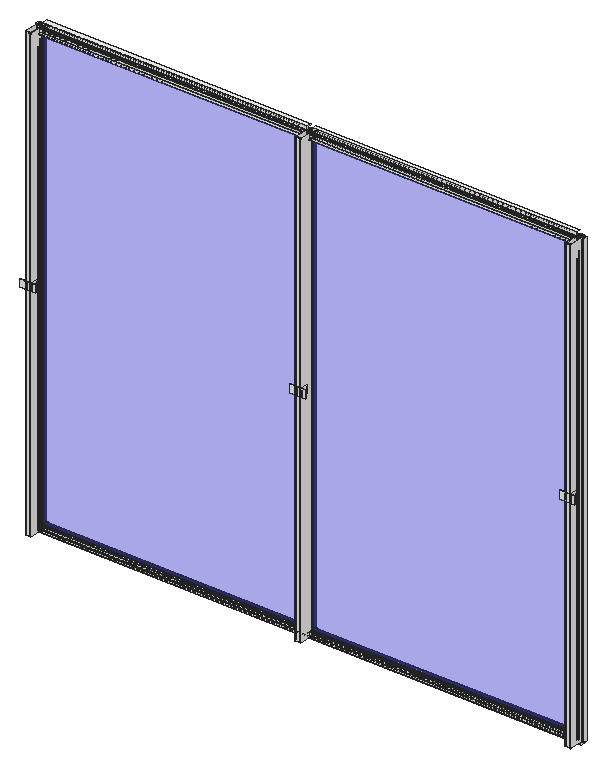
Revit family "Facade_60_Curtain_Wall_I21_Standard", category Windows, host Wall, Revit 2014
Parameters (values of type "F60-I21-6050-2000Pa")
  Windload Design [instance] = if(Custom Windload < 1001 mm, 1000 mm, if(Custom Windload < 1501 mm, 1500 mm, 2000 mm))  # 2000 mm
  Width [instance] = if(Custom Curtain Wall Width < Limit Door Width Min, Limit Door Width Min, if(Custom Curtain Wall Width > Limit Door Width Max, Limit Door Width Max, Custom Curtain Wall Width))  # 5990 mm
  Wall Thickness [instance] = 200 mm
  Vertical Profile Length [instance] = Height - Frame Bottom Gap  # 4960 mm
  URL = "http://www.crealco.co.za/crealco-products.php"
  Type Comments = ""
  Top Profile Overhang = 5.9 mm  # constant formula
  Thermal Resistance (R) [instance] = if(IGDB or SAGDB Number = 100100, 1.0000 (m²·K)/W / Intruderprufe U Value, if(IGDB or SAGDB Number = 100100, 1.0000 (m²·K)/W / Intruderprufe U Value, if(IGDB or SAGDB Number = 105003, 1.0000 (m²·K)/W / Intruderprufe Insulated U Value, if(IGDB or SAGDB Number = 105004, 1.0000 (m²·K)/W / Intruderprufe Insulated LowE U Value, 1.0000 (m²·K)/W / 7.9)))) * 1  # 0.126582 (m²·K)/W
  Thermal Break Material = Plastic, Opaque Black
  Solar Heat Gain Coefficient [instance] = if(IGDB or SAGDB Number = 100100, Intruderprufe SHGC Value, if(IGDB or SAGDB Number = 103200, Intruderprufe LowE SHGC Value, if(IGDB or SAGDB Number = 105003, Intruderprufe Insulated SHGC Value, if(IGDB or SAGDB Number = 105004, Intruderprufe Insulated LowE SHGC Value, 0))))  # 0
  Single Glazing [instance] = if(DG Forced, 1 = 0, not(Double Glazing))  # no
  Sill Height = 85 mm  # constant formula
  SG Forced [instance] = not(DG Forced)  # no
  Quarter Expansion Break = no
  Overall Width [instance] = 5990 mm
  Overall Height [instance] = 4990 mm
  Mullion Side Gap [instance] = (Width / 2) - 30 mm  # 2965 mm
  Mullion Configuration [instance] = if(Windload Design = 1000 mm, if(not(Height > 4990 mm), 1 mm, 2 mm), if(Windload Design = 1500 mm, if(not(Height > 4990 mm), if(Width > 2990 mm, 2 mm, 1 mm), 3 mm), if(not(Height > 4990 mm), if(Width > 1790 mm, 2 mm, 1 mm), 3 mm)))  # 2 mm
  Model = "Facade 60"
  Max System DG Unit Thickness = 25 mm  # constant formula
  Max System DG One Piece Thickness [instance] = rounddown((Max System DG Unit Thickness - DG Gasket Thickness) / 2 mm) * 1 mm  # 6 mm
  Max Pane Area [instance] = Glazing Width * Glazing Height  # 14.3747 m²
  Manufacturer = "Crealco"
  Limit Door Width Min = (2 * Limit Panel Width Min) + (2 * Glazing Side Gap) + 19.6 mm  # 699.2 mm
  Limit Door Width Max = (2 * Limit Panel Width Max) + (2 * Glazing Side Gap) + 19.6 mm  # 6099.2 mm
  Limit Door Height Min = Limit Panel Height Min + Glazing Top Gap + Glazing Bottom Gap  # 409.6 mm
  Limit Door Height Max = Limit Panel Height Max + Glazing Top Gap + Glazing Bottom Gap  # 6109.6 mm
  Limit Panel Width Min = 300 mm  # constant formula
  Limit Panel Width Max = 3000 mm  # constant formula
  Limit Panel Height Min = 300 mm  # constant formula
  Limit Panel Height Max = 6000 mm  # constant formula
  Sill Length [instance] = Width  # 5990 mm
  Length Sill [instance] = Width  # 5990 mm
  Keynote = ""
  Jamb Width = 60 mm  # constant formula
  Intruderprufe U Value = 5.71
  Intruderprufe SHGC Value = 0.76
  Intruderprufe LowE U Value = 3.86
  Intruderprufe LowE SHGC Value = 0.665
  Intruderprufe Insulated U Value = 2.86
  Intruderprufe Insulated SHGC Value = 0.653
  Intruderprufe Insulated LowE U Value = 2.13
  Intruderprufe Insulated LowE SHGC Value = 0.588
  Horizontal Profile Length [instance] = (Width - (2 * Jamb Width) - 60 mm) / 2  # 2905 mm
  Half Expansion Break = no
  Glazing Width [instance] = Horizontal Profile Length + (2 mm * 20.2)  # 2945.4 mm
  Glazing Top Gap = 39.8 mm  # constant formula
  Glazing Side Gap = 39.8 mm  # constant formula
  Glazing Height [instance] = Height - Glazing Top Gap - Glazing Bottom Gap  # 4880.4 mm
  Glazing Gap SG [instance] = (14 mm - SG Thickness) / 2  # 2 mm
  Glazing Gap DG [instance] = (28 mm - (DG Thickness + DG Thickness + DG Gasket Thickness)) / 2  # 2 mm
  Glazing Bottom Gap = 69.8 mm  # constant formula
  Frame Thickness = 101.8 mm  # constant formula
  Frame Bottom Gap = 30 mm  # constant formula
  Door Leaf Height [instance] = 2050 mm
  Double Glazing [instance] = yes
  DG Thickness Calc [instance] = if(not(Max Pane Area > 1.125 m²), 4 mm, if(not(Max Pane Area > 2.25 m²), 4 mm, if(not(Max Pane Area > 3.15 m²), 5 mm, if(not(Max Pane Area > 4.35 m²), 6 mm, if(not(Max Pane Area > 6.45 m²), 8 mm, 10 mm)))))  # 10 mm
  DG Thickness [instance] = if(IGDB or SAGDB Number = 105003, 6 mm, if(IGDB or SAGDB Number = 105004, 7 mm, if(DG Thickness Calc > Max System DG One Piece Thickness, Max System DG One Piece Thickness, DG Thickness Calc)))  # 6 mm
  DG Gasket Thickness = 12 mm  # constant formula
  DG Gasket Finish [instance] = Double Glazing Gasket Material
  DG Forced [instance] = if(IGDB or SAGDB Number = 100100, 1 = 0, if(IGDB or SAGDB Number = 103200, 1 = 0, if(IGDB or SAGDB Number = 105003, 1 = 1, if(IGDB or SAGDB Number = 105004, 1 = 1, Double Glazing))))  # yes
  IGDB or SAGDB Number [instance] = 0
  Height [instance] = if(Custom Curtain Wall Height < Limit Door Height Min, Limit Door Height Min, if(Custom Curtain Wall Height > Limit Door Height Max, Limit Door Height Max, Custom Curtain Wall Height))  # 4990 mm
  Heat Transfer Coefficient (U) [instance] = if(IGDB or SAGDB Number = 100100, Intruderprufe U Value, if(IGDB or SAGDB Number = 103200, Intruderprufe LowE U Value, if(IGDB or SAGDB Number = 105003, Intruderprufe Insulated U Value, if(IGDB or SAGDB Number = 105004, Intruderprufe Insulated LowE U Value, 7.9)))) * 1.0000 W/(m²·K)  # 7.9000 W/(m²·K)
  SG Thickness [instance] = if(IGDB or SAGDB Number = 100100, 6 mm, if(IGDB or SAGDB Number = 103200, 7 mm, if(not(Max Pane Area > 0.75 m²), 4 mm, if(not(Max Pane Area > 1.50 m²), 4 mm, if(not(Max Pane Area > 2.10 m²), 5 mm, if(not(Max Pane Area > 2.90 m²), 6.4 mm, if(not(Max Pane Area > 4.30 m²), 8 mm, 10 mm)))))))  # 10 mm
  Glazing Material [instance] = if(IGDB or SAGDB Number = 100100, "PFG INTRUDERPRUFE 6.38mm", if(IGDB or SAGDB Number = 103200, "PFG INTRUDERPRUFE LOW-E 7.38mm", if(IGDB or SAGDB Number = 105003, "PFG 25mm INTRUDERPRUFE INSULATED GLASS", if(IGDB or SAGDB Number = 105004, "PFG 25mm INTRUDERPRUFE INSULATED GLASS LOW-E", "Unknown"))))  # "Unknown"
  Glazing Finish [instance] = Glass
  Glazing Code [instance] = if(IGDB or SAGDB Number = 100100, "LAM01", if(IGDB or SAGDB Number = 103200, "LAM01E", if(IGDB or SAGDB Number = 105003, "IGU25", if(IGDB or SAGDB Number = 105004, "IGU25E", "Unknown"))))  # "Unknown"
  Frame Offset [instance] = if([100mm Mullion], 130 mm, if([160mm Mullion], 160 mm, 190 mm))  # 160 mm
  Description = "Curtain Wall, I21"  # constant formula
  Default Sill Height = 0 mm
  Wall Closure = By host
  Custom Curtain Wall Width = 5990 mm
  Custom Curtain Wall Height = 4990 mm
  Custom Windload = 2000 mm
  Custom Anchor Height = 0 mm
  Anchor Height [instance] = if(or(Custom Anchor Height < 42.5 mm, Custom Anchor Height > (Height - 42.5 mm)), (Height / 2) - 42.5 mm, Custom Anchor Height - 42.5 mm)  # 2452.5 mm
  Aluminium Finish [instance] = White Powder Coated Aluminium ANP 1052
  All Available Glazing Numbers [instance] = "The rows below list the available glazing materials for this window:"  # constant formula
  190mm Mullion [instance] = if(Mullion Configuration = 3 mm, 1 = 1, 1 = 0)  # no
  160mm Mullion [instance] = if(Mullion Configuration = 2 mm, 1 = 1, 1 = 0)  # yes
  105004 [instance] = "IGU25E"  # constant formula
  105003 [instance] = "IGU25"  # constant formula
  103200 [instance] = "LAM01E"  # constant formula
  100mm Mullion [instance] = if(or(Mullion Configuration = 2 mm, Mullion Configuration = 3 mm), 1 = 0, 1 = 1)  # no
  100100 [instance] = "LAM01"  # constant formula
Reference planes
  plane 1 "Center (Front/Back)": y = 0
  plane 2 "Center (Left/Right)": x = 0
  plane 3 "Left": x = -2995
  plane 4 "Right": x = 2995
  plane 5 "Sill": z = 0
  plane 6 "Head": z = 4990
  plane 7 "Exterior": y = 100
  plane 8 "Interior": y = -100
Lines and regions (mm)
  Opening 1
    outline origin (3507.082, -100, 0) x (1, 0, 0) y (0, 0, 1)
      loop
        line (-512.082, 0) -> (-512.082, 4990) -> (-6502.082, 4990) -> (-6502.082, 0) -> (-512.082, 0)
Text (mm)
  text "EXTERIOR" at (-1963.203, 1332.353, 0), in view "Ref. Level"
  text "INTERIOR" at (-1981.466, -818.386, 0), in view "Ref. Level"
  text "Exterior" at (0, 923.751, 2943.296), in view "Right"
  text "Exterior" at (0, 1040.484, 2685.409), in view "Left"
Dimensions and locks
  equal spacing: plane 3 "Left", plane 2 "Center (Left/Right)", plane 4 "Right"
  "Width": plane 3 "Left" to plane 4 "Right"
  "Height": plane 5 "Sill" to plane 6 "Head"
  "Default Sill Height": plane 5 "Sill" to level
  locked: plane 7 "Exterior" to host wall at 0
  locked: plane 8 "Interior" to host wall
  "Overall Height": plane 6 "Head" to plane 5 "Sill"
  "Overall Width": plane 3 "Left" to plane 4 "Right"
  "Wall Thickness": host wall to host wall
  "Jamb Width": nested 3 to plane 4 "Right"
  "Jamb Width": nested 5 to plane 4 "Right"
  "Frame Bottom Gap": nested 5 to level
  "Glazing Side Gap": nested 6 to plane 4 "Right"
  "Glazing Top Gap": nested 6 to plane 6 "Head"
  "Glazing Gap SG": nested 6 to nested 1
  "Glazing Side Gap": nested 7 to plane 4 "Right"
  "Glazing Top Gap": nested 7 to plane 6 "Head"
  "Glazing Gap DG": nested 7 to nested 1
  "Mullion Side Gap": nested 8 to plane 4 "Right"
  "Frame Bottom Gap": nested 8 to level
  "Jamb Width": plane 3 "Left" to nested 10
  "Jamb Width": plane 3 "Left" to nested 9
  "Glazing Side Gap": plane 3 "Left" to nested 11
  "Glazing Side Gap": plane 3 "Left" to nested 12
  "Glazing Gap SG": nested 2 to nested 12
  "Glazing Gap DG": nested 2 to nested 11
  "Glazing Bottom Gap": nested 11 to level
  "Glazing Bottom Gap": nested 12 to level
  "Frame Bottom Gap": nested 9 to level
  "Frame Offset": plane 8 "Interior" to nested 1
  "Anchor Height": nested 13 to level
  "Anchor Height": nested 15 to level
  "Anchor Height": nested 14 to level
  aligned and locked: plane 4 "Right" to nested 1
  aligned and locked: plane 6 "Head" to nested 1
  aligned and locked: plane 3 "Left" to nested 2
  aligned and locked: plane 6 "Head" to nested 2
  aligned and locked: nested 3 to plane 6 "Head"
  aligned and locked: nested 4 to level
  aligned and locked: plane 4 "Right" to nested 4
  aligned and locked: nested 1 to nested 2
  aligned and locked: nested 5 to nested 4
  aligned and locked: nested 8 to nested 2
  aligned and locked: nested 10 to plane 6 "Head"
  aligned and locked: nested 5 to nested 10
  aligned and locked: nested 5 to nested 9
  aligned and locked: nested 10 to nested 3
  aligned and locked: nested 10 to nested 2
  aligned and locked: nested 1 to nested 14
  aligned and locked: plane 8 "Interior" to nested 14
  aligned and locked: plane 8 "Interior" to nested 15
  aligned and locked: nested 15 to nested 8
  aligned and locked: nested 13 to nested 2
  aligned and locked: nested 13 to plane 8 "Interior"
Automatic sketch dimensions
  plane 3 "Left" to Opening 1 sketch curve = 0 mm
  plane 4 "Right" to Opening 1 sketch curve = 0 mm
  Opening 1 sketch curve to plane 5 "Sill" = 0 mm
  Opening 1 sketch curve to plane 6 "Head" = 0 mm
Nested families
  nested 1: "F60 Vertical Profile Side_I21_Std" at (2995, 65.2, 30) x (-1, 0, 0) z (0, 0, 1), Thermal Break Material <- "Thermal Break Material", Profile Material <- "Aluminium Finish", Length <- "Vertical Profile Length", Single Glazing <- "SG Forced", Double Glazing <- "DG Forced", 100mm Mullion <- "100mm Mullion", 160mm Mullion <- "160mm Mullion", 190mm Mullion <- "190mm Mullion", Quarter Expansion Break <- "Quarter Expansion Break", Half Expansion Break <- "Half Expansion Break", type "F60 Vertical Profile Side_I21_Std"
    with Thermal Break Material Plastic, Opaque Black, Single Glazing no, Quarter SG Expansion Break no, Quarter Length 1240 mm, Quarter Expansion Break no, Quarter DG Expansion Break no, Quarter 190mm Expansion Break no, Quarter 160mm Expansion Break no, Quarter 100mm Expansion Break no, Profile Material White Powder Coated Aluminium ANP 1052, Length 4960 mm, Half SG Expansion Break no, Half Length 2480 mm, Half Expansion Break no, Half DG Expansion Break no, Half 190mm Expansion Joint no, Half 160mm Expansion Break no, Half 100mm Expansion Break no, Double Glazing yes, 190mm Mullion no, 160mm Mullion yes, 100mm Mullion no
  nested 2: "F60 Vertical Profile Side_I21_Std" at (-2995, 65.2, 30), Thermal Break Material <- "Thermal Break Material", Profile Material <- "Aluminium Finish", Length <- "Vertical Profile Length", Single Glazing <- "SG Forced", Double Glazing <- "DG Forced", 100mm Mullion <- "100mm Mullion", 160mm Mullion <- "160mm Mullion", 190mm Mullion <- "190mm Mullion", Quarter Expansion Break <- "Quarter Expansion Break", Half Expansion Break <- "Half Expansion Break", type "F60 Vertical Profile Side_I21_Std"
    with Thermal Break Material Plastic, Opaque Black, Single Glazing no, Quarter SG Expansion Break no, Quarter Length 1240 mm, Quarter Expansion Break no, Quarter DG Expansion Break no, Quarter 190mm Expansion Break no, Quarter 160mm Expansion Break no, Quarter 100mm Expansion Break no, Profile Material White Powder Coated Aluminium ANP 1052, Length 4960 mm, Half SG Expansion Break no, Half Length 2480 mm, Half Expansion Break no, Half DG Expansion Break no, Half 190mm Expansion Joint no, Half 160mm Expansion Break no, Half 100mm Expansion Break no, Double Glazing yes, 190mm Mullion no, 160mm Mullion yes, 100mm Mullion no
  nested 3: "F60 Horizontal Profile Top_I21_Std" at (2935, 15.4, 4930) x (-1, 0, 0) z (0, 0, 1), Thermal Break Material <- "Thermal Break Material", Profile Material <- "Aluminium Finish", Length <- "Horizontal Profile Length", Single Glazing <- "SG Forced", Double Glazing <- "DG Forced", type "F60 Horizontal Profile Top_I21_Std"
    with Thermal Break Material Plastic, Opaque Black, Single Glazing no, Profile Material White Powder Coated Aluminium ANP 1052, Length 2905 mm, Double Glazing yes
  nested 4: "F60 Sill_I21_Std" at (2995, 52.771, -1.88) x (-1, 0, 0) z (0, 0, 1), Profile Material <- "Aluminium Finish", Length Sill <- "Length Sill", type "F60 Sill_I21_Std"
    with Profile Material White Powder Coated Aluminium ANP 1052, Length Sill 5990 mm
  nested 5: "F60 Horizontal Profile Bottom_I21_Std" at (2935, 15.4, 30) x (-1, 0, 0) z (0, 0, 1), Thermal Break Material <- "Thermal Break Material", Profile Material <- "Aluminium Finish", Length <- "Horizontal Profile Length", Single Glazing <- "SG Forced", Double Glazing <- "DG Forced", type "F60 Horizontal Profile Bottom_I21_Std"
    with Thermal Break Material Plastic, Opaque Black, Single Glazing no, Profile Material White Powder Coated Aluminium ANP 1052, Length 2905 mm, Double Glazing yes
  nested 6: "F60_Single_Glazing_I21_Std" at (2955.2, 77.2, 69.8), Glazing Width <- "Glazing Width", Glazing Height <- "Glazing Height", SG Thickness <- "SG Thickness", Glazing Finish <- "Glazing Finish", visible <- "SG Forced", type "F60_Single_Glazing_I21_Std"
    with SG Thickness 10 mm, Glazing Width 2945.4 mm, Glazing Height 4880.4 mm, Glazing Finish Glass
  nested 7: "F60_Double_Glazing_I21_Std" at (2955.2, 91.2, 69.8), Glazing Material <- "Glazing Finish", Double Glazing Gasket Material <- "DG Gasket Finish", Glazing Width <- "Glazing Width", Glazing Height <- "Glazing Height", Glazing Thickness DG <- "DG Thickness", Double Glazing Gasket Thickness <- "DG Gasket Thickness", visible <- "DG Forced", type "F60_Double_Glazing_I21_Std"
    with Glazing Width 2945.4 mm, Glazing Thickness DG 6 mm, Glazing Material Glass, Glazing Height 4880.4 mm, Double Glazing Gasket Thickness 12 mm, Double Glazing Gasket Material Double Glazing Gasket Material
  nested 8: "F60 Vertical Profile Middle_I21_Std" at (30, 65.2, 30) x (-1, 0, 0) z (0, 0, 1), Thermal Break Material <- "Thermal Break Material", Profile Material <- "Aluminium Finish", Single Glazing <- "SG Forced", Double Glazing <- "DG Forced", 190mm Mullion <- "190mm Mullion", 160mm Mullion <- "160mm Mullion", 100mm Mullion <- "100mm Mullion", Length <- "Vertical Profile Length", Half Expansion Break <- "Half Expansion Break", Quarter Expansion Break <- "Quarter Expansion Break", type "F60 Vertical Profile Middle_I21_Std"
    with Thermal Break Material Plastic, Opaque Black, Single Glazing no, Quarter SG Expansion Break no, Quarter Length 1240 mm, Quarter Expansion Break no, Quarter DG Expansion Break no, Quarter 190mm Expansion Break no, Quarter 160mm Expansion Break no, Quarter 100mm Expansion Break no, Profile Material White Powder Coated Aluminium ANP 1052, Length 4960 mm, Half SG Expansion Break no, Half Length 2480 mm, Half Expansion Break no, Half DG Expansion Break no, Half 190mm Expansion Joint no, Half 160mm Expansion Break no, Half 100mm Expansion Break no, Double Glazing yes, 190mm Mullion no, 160mm Mullion yes, 100mm Mullion no
  nested 9: "F60 Horizontal Profile Bottom_I21_Std" at (-30, 15.4, 30) x (-1, 0, 0) z (0, 0, 1), Thermal Break Material <- "Thermal Break Material", Profile Material <- "Aluminium Finish", Length <- "Horizontal Profile Length", Single Glazing <- "SG Forced", Double Glazing <- "DG Forced", type "F60 Horizontal Profile Bottom_I21_Std"
    with Thermal Break Material Plastic, Opaque Black, Single Glazing no, Profile Material White Powder Coated Aluminium ANP 1052, Length 2905 mm, Double Glazing yes
  nested 10: "F60 Horizontal Profile Top_I21_Std" at (-30, 15.4, 4930) x (-1, 0, 0) z (0, 0, 1), Thermal Break Material <- "Thermal Break Material", Profile Material <- "Aluminium Finish", Length <- "Horizontal Profile Length", Single Glazing <- "SG Forced", Double Glazing <- "DG Forced", type "F60 Horizontal Profile Top_I21_Std"
    with Thermal Break Material Plastic, Opaque Black, Single Glazing no, Profile Material White Powder Coated Aluminium ANP 1052, Length 2905 mm, Double Glazing yes
  nested 11: "F60_Double_Glazing_I21_Std" at (-9.8, 91.2, 69.8), Glazing Material <- "Glazing Finish", Double Glazing Gasket Material <- "DG Gasket Finish", Glazing Width <- "Glazing Width", Glazing Height <- "Glazing Height", Glazing Thickness DG <- "DG Thickness", Double Glazing Gasket Thickness <- "DG Gasket Thickness", visible <- "DG Forced", type "F60_Double_Glazing_I21_Std"
    with Glazing Width 2945.4 mm, Glazing Thickness DG 6 mm, Glazing Material Glass, Glazing Height 4880.4 mm, Double Glazing Gasket Thickness 12 mm, Double Glazing Gasket Material Double Glazing Gasket Material
  nested 12: "F60_Single_Glazing_I21_Std" at (-9.8, 77.2, 69.8), Glazing Width <- "Glazing Width", Glazing Height <- "Glazing Height", SG Thickness <- "SG Thickness", Glazing Finish <- "Glazing Finish", visible <- "SG Forced", type "F60_Single_Glazing_I21_Std"
    with SG Thickness 10 mm, Glazing Width 2945.4 mm, Glazing Height 4880.4 mm, Glazing Finish Glass
  nested 13: "F60 Intermediate Anchor_I21_Std" at (-3072.715, -189.531, 2452.5), Profile Material <- "Aluminium Finish", type "F60 Intermediate Anchor_I21_Std"
    with Profile Material White Powder Coated Aluminium ANP 1052
  nested 14: "F60 Intermediate Anchor_I21_Std" at (2855.297, -189.531, 2452.5), Profile Material <- "Aluminium Finish", type "F60 Intermediate Anchor_I21_Std"
    with Profile Material White Powder Coated Aluminium ANP 1052
  nested 15: "F60 Intermediate Anchor_I21_Std" at (-107.715, -189.531, 2452.5), Profile Material <- "Aluminium Finish", type "F60 Intermediate Anchor_I21_Std"
    with Profile Material White Powder Coated Aluminium ANP 1052
Definition of nested family "F60 Vertical Profile Side_I21_Std"
  Parameters (values of type "F60 Vertical Profile Side")
    Quarter SG Expansion Break [instance] = if(and(Quarter Expansion Break, Single Glazing), 1 = 1, 1 = 0)  # yes
    Quarter Length [instance] = Length / 4  # 62.5 mm
    Thermal Break Material [instance] = none
    Single Glazing [instance] = yes
    Quarter Expansion Break [instance] = yes
    Quarter DG Expansion Break [instance] = if(and(Quarter Expansion Break, Double Glazing), 1 = 1, 1 = 0)  # yes
    Quarter 190mm Expansion Break [instance] = if(and(Quarter Expansion Break, [190mm Mullion]), 1 = 1, 1 = 0)  # yes
    Quarter 160mm Expansion Break [instance] = if(and(Quarter Expansion Break, [160mm Mullion]), 1 = 1, 1 = 0)  # yes
    Quarter 100mm Expansion Break [instance] = if(and(Quarter Expansion Break, [100mm Mullion]), 1 = 1, 1 = 0)  # yes
    Profile Material [instance] = none
    Length [instance] = 250 mm
    Half SG Expansion Break [instance] = if(and(Half Expansion Break, Single Glazing), 1 = 1, 1 = 0)  # yes
    Half Length [instance] = Length / 2  # 125 mm
    Half Expansion Break [instance] = yes
    Half DG Expansion Break [instance] = if(and(Half Expansion Break, Double Glazing), 1 = 1, 1 = 0)  # yes
    Half 190mm Expansion Joint [instance] = if(and(Half Expansion Break, [190mm Mullion]), 1 = 1, 1 = 0)  # yes
    Half 160mm Expansion Break [instance] = if(and(Half Expansion Break, [160mm Mullion]), 1 = 1, 1 = 0)  # yes
    Half 100mm Expansion Break [instance] = if(and(Half Expansion Break, [100mm Mullion]), 1 = 1, 1 = 0)  # yes
    Double Glazing [instance] = yes
    190mm Mullion [instance] = yes
    160mm Mullion [instance] = yes
    100mm Mullion [instance] = yes
  Reference planes
    plane 1 "Center (Front/Back)": y = 0
    plane 2: z = 0
    plane 3 "Center (Left/Right)": x = 0
  Forms (mm)
    Extrusion 1, solid, material <- "Profile Material"
      sketch origin (0, 0, 0) x (1, 0, 0) y (0, 1, 0)
        loop
          arc (25.249, -8.7) -> (25.484, -9.266) -> (26.049, -9.5) r 0.8
          line (26.049, -9.5) -> (27.1, -9.5) -> (27.1, 7) -> (32.902, 7) -> (32.902, -9.5) -> (33.951, -9.5)
          arc (33.951, -9.5) -> (34.516, -9.266) -> (34.751, -8.7) r 0.8
          line (34.751, -8.7) -> (34.751, 6.2)
          arc (34.751, 6.2) -> (34.985, 6.766) -> (35.551, 7) r 0.8
          line (35.551, 7) -> (52.1, 7) -> (52.1, 5.4) -> (50.55, 5.4) -> (50.55, 4.55)
          arc (50.55, 4.55) -> (50.726, 4.126) -> (51.15, 3.95) r 0.6
          line (51.15, 3.95) -> (52.1, 3.95) -> (52.1, 1)
          arc (52.1, 1) -> (51.6, 0.5) -> (52.1, 0) r 0.5
          line (52.1, 0) -> (54.45, 0) -> (54.45, 1.15) -> (53.3, 1.15) -> (53.3, 2.45) -> (58.8, 2.45) -> (58.8, 1.15) -> (57.65, 1.15) -> (57.65, 0) -> (59.5, 0)
          arc (59.5, 0) -> (59.854, 0.146) -> (60, 0.5) r 0.5
          line (60, 0.5) -> (60, 3.9) -> (53.55, 3.9) -> (53.55, 7.6)
          arc (53.55, 7.6) -> (53.316, 8.166) -> (52.75, 8.4) r 0.8
          line (52.75, 8.4) -> (30, 8.4) -> (7.25, 8.4)
          arc (7.25, 8.4) -> (6.684, 8.166) -> (6.45, 7.6) r 0.8
          line (6.45, 7.6) -> (6.45, 3.9) -> (0, 3.9) -> (0, 0.5)
          arc (0, 0.5) -> (0.146, 0.146) -> (0.5, 0) r 0.5
          line (0.5, 0) -> (2.35, 0) -> (2.35, 1.15) -> (1.2, 1.15) -> (1.2, 2.45) -> (6.7, 2.45) -> (6.7, 1.15) -> (5.55, 1.15) -> (5.55, 0) -> (7.9, 0)
          arc (7.9, 0) -> (8.4, 0.5) -> (7.9, 1) r 0.5
          line (7.9, 1) -> (7.9, 3.95) -> (8.85, 3.95)
          arc (8.85, 3.95) -> (9.274, 4.126) -> (9.45, 4.55) r 0.6
          line (9.45, 4.55) -> (9.45, 5.4) -> (7.9, 5.4) -> (7.9, 7) -> (24.449, 7)
          arc (24.449, 7) -> (25.015, 6.766) -> (25.249, 6.2) r 0.8
          line (25.249, 6.2) -> (25.249, -8.7)
      from 0 to 250 <- "Length"
    Extrusion 2, solid, material <- "Thermal Break Material"
      sketch origin (0, 0, 0) x (1, 0, 0) y (0, 1, 0)
        loop
          line (1.75, 9.8) -> (1.75, 5.2) -> (0, 5.2) -> (0, 3.9) -> (6.35, 3.9) -> (6.35, 7.856)
          arc (6.35, 7.856) -> (6.526, 8.281) -> (6.95, 8.456) r 0.6
          line (6.95, 8.456) -> (30, 8.456) -> (53.05, 8.456)
          arc (53.05, 8.456) -> (53.474, 8.281) -> (53.65, 7.856) r 0.6
          line (53.65, 7.856) -> (53.65, 3.9) -> (60, 3.9) -> (60, 5.2) -> (58.25, 5.2) -> (58.25, 9.8) -> (30, 9.8) -> (1.75, 9.8)
      from 0 to 250 <- "Length"
    Extrusion 3, solid, material <- "Thermal Break Material", visible <- "Single Glazing"
      sketch origin (0, 0, 0) x (1, 0, 0) y (0, 1, 0)
        loop
          line (25.749, -14.011) -> (27.672, -14.011) -> (28.481, -12.611) -> (31.518, -12.611) -> (32.327, -14.011) -> (34.249, -14.011)
          arc (34.249, -14.011) -> (34.603, -13.864) -> (34.749, -13.511) r 0.5
          line (34.749, -13.511) -> (34.749, -10.011)
          arc (34.749, -10.011) -> (34.603, -9.657) -> (34.249, -9.511) r 0.5
          line (34.249, -9.511) -> (32.352, -9.511) -> (32.352, 0.19) -> (31.349, 2.261)
          arc (31.349, 2.261) -> (29.999, 2.986) -> (28.649, 2.261) r 1.62
          line (28.649, 2.261) -> (27.647, 0.19) -> (27.647, -9.511) -> (25.749, -9.511)
          arc (25.749, -9.511) -> (25.396, -9.657) -> (25.249, -10.011) r 0.5
          line (25.249, -10.011) -> (25.249, -13.511)
          arc (25.249, -13.511) -> (25.396, -13.864) -> (25.749, -14.011) r 0.5
        loop
          line (28.504, -10.005) -> (28.504, -10.861)
          arc (28.504, -10.861) -> (28.651, -11.214) -> (29.004, -11.361) r 0.5
          line (29.004, -11.361) -> (30.994, -11.361)
          arc (30.994, -11.361) -> (31.348, -11.214) -> (31.494, -10.861) r 0.5
          line (31.494, -10.861) -> (31.494, -10.005) -> (30.708, -9.219)
          arc (30.708, -9.219) -> (30.383, -9.001) -> (29.999, -8.924) r 1.007
          arc (29.999, -8.924) -> (29.616, -8.999) -> (29.292, -9.217) r 0.986
          line (29.292, -9.217) -> (28.504, -10.005)
        loop
          arc (30.896, 1.935) -> (29.887, 2.44) -> (29.005, 1.735) r 1.047
          line (29.005, 1.735) -> (28.347, 0.374) -> (28.347, -6.993)
          arc (28.347, -6.993) -> (28.583, -7.417) -> (29.068, -7.441) r 0.5
          arc (29.068, -7.441) -> (29.999, -7.223) -> (30.93, -7.441) r 2.099
          arc (30.93, -7.441) -> (31.416, -7.417) -> (31.652, -6.993) r 0.5
          line (31.652, -6.993) -> (31.652, 0.374) -> (30.896, 1.935)
      from 0 to 250 <- "Length"
    Extrusion 4, solid, material <- "Profile Material", visible <- "Single Glazing"
      sketch origin (0, 0, 0) x (1, 0, 0) y (0, 1, 0)
        loop
          line (52.693, -14.011) -> (32.327, -14.011) -> (31.519, -12.611) -> (28.481, -12.611) -> (27.673, -14.011) -> (7.307, -14.011) -> (7.307, -15.011) -> (8.457, -15.011) -> (8.457, -16.261) -> (2.957, -16.261) -> (2.957, -15.011) -> (4.107, -15.011) -> (4.107, -14.011) -> (1.707, -14.011)
          arc (1.707, -14.011) -> (1.199, -14.293) -> (1.168, -14.873) r 0.6
          line (1.168, -14.873) -> (2.093, -16.772) -> (1.015, -17.298) -> (1.484, -18.261) -> (11.488, -18.261)
          arc (11.488, -18.261) -> (11.913, -18.085) -> (12.088, -17.661) r 0.6
          line (12.088, -17.661) -> (12.088, -16.811) -> (47.912, -16.811) -> (47.912, -17.661)
          arc (47.912, -17.661) -> (48.088, -18.085) -> (48.512, -18.261) r 0.6
          line (48.512, -18.261) -> (58.518, -18.261) -> (58.987, -17.298) -> (57.908, -16.772) -> (58.834, -14.874)
          arc (58.834, -14.874) -> (58.802, -14.293) -> (58.293, -14.011) r 0.6
          line (58.293, -14.011) -> (55.893, -14.011) -> (55.893, -15.011) -> (57.043, -15.011) -> (57.043, -16.261) -> (51.543, -16.261) -> (51.543, -15.011) -> (52.693, -15.011) -> (52.693, -14.011)
      from 0 to 250 <- "Length"
    Extrusion 5, solid, material <- "Profile Material", visible <- "Single Glazing"
      sketch origin (0, 0, 0) x (1, 0, 0) y (0, 1, 0)
        loop
          line (2.801, -18.261) -> (1.484, -18.261) -> (1.015, -17.298) -> (2.093, -16.772) -> (0.779, -14.076)
          arc (0.779, -14.076) -> (0.239, -14.21) -> (0.001, -14.713) r 0.65
          line (0.001, -14.713) -> (0.001, -28.068)
          arc (0.001, -28.068) -> (1.172, -30.897) -> (4.001, -32.068) r 4
          line (4.001, -32.068) -> (30.001, -32.068) -> (56.001, -32.068)
          arc (56.001, -32.068) -> (58.829, -30.897) -> (60.001, -28.068) r 4
          line (60.001, -28.068) -> (60.001, -14.713)
          arc (60.001, -14.713) -> (59.763, -14.21) -> (59.223, -14.076) r 0.65
          line (59.223, -14.076) -> (57.908, -16.772) -> (58.987, -17.298) -> (58.518, -18.261) -> (57.201, -18.261)
          arc (57.201, -18.261) -> (56.83, -18.425) -> (56.703, -18.811) r 0.5
          arc (56.703, -18.811) -> (56.83, -19.196) -> (57.201, -19.361) r 0.5
          line (57.201, -19.361) -> (58.951, -19.361) -> (58.951, -27.968)
          arc (58.951, -27.968) -> (58.131, -29.948) -> (56.151, -30.768) r 2.8
          line (56.151, -30.768) -> (30.001, -30.768) -> (3.851, -30.768)
          arc (3.851, -30.768) -> (1.871, -29.948) -> (1.051, -27.968) r 2.8
          line (1.051, -27.968) -> (1.051, -19.361) -> (2.801, -19.361)
          arc (2.801, -19.361) -> (3.172, -19.196) -> (3.298, -18.811) r 0.5
          arc (3.298, -18.811) -> (3.172, -18.425) -> (2.801, -18.261) r 0.5
      from 0 to 250 <- "Length"
    Extrusion 6, solid, material <- "Profile Material", visible <- "100mm Mullion"
      sketch origin (0, 0, 0) x (1, 0, 0) y (0, 1, 0)
        loop
          line (14.02, 13) -> (45.98, 13)
          arc (45.98, 13) -> (46.539, 12.842) -> (46.917, 12.4) r 1
          arc (46.917, 12.4) -> (47.285, 11.963) -> (47.833, 11.8) r 1
          line (47.833, 11.8) -> (58.15, 11.8) -> (58.15, 96.3) -> (47.833, 96.3)
          arc (47.833, 96.3) -> (47.285, 96.137) -> (46.917, 95.7) r 1
          arc (46.917, 95.7) -> (46.548, 95.263) -> (46, 95.1) r 1
          line (46, 95.1) -> (14, 95.1)
          arc (14, 95.1) -> (13.452, 95.263) -> (13.083, 95.7) r 1
          arc (13.083, 95.7) -> (12.715, 96.137) -> (12.167, 96.3) r 1
          line (12.167, 96.3) -> (1.85, 96.3) -> (1.85, 11.8) -> (12.167, 11.8)
          arc (12.167, 11.8) -> (12.715, 11.963) -> (13.083, 12.4) r 1
          arc (13.083, 12.4) -> (13.461, 12.842) -> (14.02, 13) r 1
        loop
          line (1.65, 9.856) -> (58.35, 9.856) -> (58.35, 5.2) -> (60, 5.2) -> (60, 98.8)
          arc (60, 98.8) -> (59.707, 99.507) -> (59, 99.8) r 1
          line (59, 99.8) -> (1, 99.8)
          arc (1, 99.8) -> (0.293, 99.507) -> (0, 98.8) r 1
          line (0, 98.8) -> (0, 5.2) -> (1.65, 5.2) -> (1.65, 9.856)
      from 0 to 250 <- "Length"
    Extrusion 7, solid, material <- "Profile Material", visible <- "160mm Mullion"
      sketch origin (0, 0, 0) x (1, 0, 0) y (0, 1, 0)
        loop
          arc (2.35, 15.6) -> (2.526, 15.176) -> (2.95, 15) r 0.6
          line (2.95, 15) -> (57.05, 15)
          arc (57.05, 15) -> (57.474, 15.176) -> (57.65, 15.6) r 0.6
          line (57.65, 15.6) -> (57.65, 153.7)
          arc (57.65, 153.7) -> (57.474, 154.124) -> (57.05, 154.3) r 0.6
          line (57.05, 154.3) -> (47.833, 154.3)
          arc (47.833, 154.3) -> (47.285, 154.137) -> (46.917, 153.7) r 1
          arc (46.917, 153.7) -> (46.548, 153.263) -> (46, 153.1) r 1
          line (46, 153.1) -> (14, 153.1)
          arc (14, 153.1) -> (13.452, 153.263) -> (13.083, 153.7) r 1
          arc (13.083, 153.7) -> (12.715, 154.137) -> (12.167, 154.3) r 1
          line (12.167, 154.3) -> (2.95, 154.3)
          arc (2.95, 154.3) -> (2.526, 154.124) -> (2.35, 153.7) r 0.6
          line (2.35, 153.7) -> (2.35, 15.6)
        loop
          arc (1, 159.8) -> (0.293, 159.507) -> (0, 158.8) r 1
          line (0, 158.8) -> (0, 5.2) -> (1.65, 5.2) -> (1.65, 10.013) -> (58.35, 10.013) -> (58.35, 5.2) -> (60, 5.2) -> (60, 158.8)
          arc (60, 158.8) -> (59.707, 159.507) -> (59, 159.8) r 1
          line (59, 159.8) -> (1, 159.8)
      from 0 to 250 <- "Length"
    Extrusion 8, solid, material <- "Profile Material", visible <- "190mm Mullion"
      sketch origin (0, 0, 0) x (1, 0, 0) y (0, 1, 0)
        loop
          line (57.25, 15.1) -> (57.25, 178.3)
          arc (57.25, 178.3) -> (56.957, 179.007) -> (56.25, 179.3) r 1
          line (56.25, 179.3) -> (3.75, 179.3)
          arc (3.75, 179.3) -> (3.043, 179.007) -> (2.75, 178.3) r 1
          line (2.75, 178.3) -> (2.75, 15.1)
          arc (2.75, 15.1) -> (2.984, 14.534) -> (3.55, 14.3) r 0.8
          line (3.55, 14.3) -> (56.45, 14.3)
          arc (56.45, 14.3) -> (57.016, 14.534) -> (57.25, 15.1) r 0.8
        loop
          line (60, 5.2) -> (60, 188.8)
          arc (60, 188.8) -> (59.707, 189.507) -> (59, 189.8) r 1
          line (59, 189.8) -> (1, 189.8)
          arc (1, 189.8) -> (0.293, 189.507) -> (0, 188.8) r 1
          line (0, 188.8) -> (0, 5.2) -> (1.65, 5.2) -> (1.65, 9.856) -> (58.35, 9.856) -> (58.35, 5.2) -> (60, 5.2)
      from 0 to 250 <- "Length"
    Extrusion 9, solid, material <- "Thermal Break Material", visible <- "Double Glazing"
      sketch origin (0, 0, 0) x (1, 0, 0) y (0, 1, 0)
        loop
          line (27.672, -28) -> (28.48, -26.6) -> (31.518, -26.6) -> (32.326, -28) -> (34.249, -28)
          arc (34.249, -28) -> (34.603, -27.854) -> (34.749, -27.5) r 0.5
          line (34.749, -27.5) -> (34.749, -10)
          arc (34.749, -10) -> (34.603, -9.646) -> (34.249, -9.5) r 0.5
          line (34.249, -9.5) -> (32.352, -9.5) -> (32.352, 0.198) -> (31.348, 2.272)
          arc (31.348, 2.272) -> (29.998, 2.997) -> (28.648, 2.272) r 1.62
          line (28.648, 2.272) -> (27.645, 0.201) -> (27.645, -9.5) -> (25.749, -9.5)
          arc (25.749, -9.5) -> (25.396, -9.646) -> (25.249, -10) r 0.5
          line (25.249, -10) -> (25.249, -27.5)
          arc (25.249, -27.5) -> (25.396, -27.854) -> (25.749, -28) r 0.5
          line (25.749, -28) -> (27.672, -28)
        loop
          arc (30.706, -9.206) -> (30.382, -8.99) -> (29.999, -8.913) r 1.007
          arc (29.999, -8.913) -> (29.616, -8.988) -> (29.292, -9.206) r 0.986
          line (29.292, -9.206) -> (27.142, -11.356)
          arc (27.142, -11.356) -> (26.926, -11.68) -> (26.849, -12.063) r 1
          line (26.849, -12.063) -> (26.849, -24)
          arc (26.849, -24) -> (27.142, -24.707) -> (27.849, -25) r 1
          line (27.849, -25) -> (32.149, -25)
          arc (32.149, -25) -> (32.856, -24.707) -> (33.149, -24) r 1
          line (33.149, -24) -> (33.149, -12.063)
          arc (33.149, -12.063) -> (33.073, -11.68) -> (32.856, -11.356) r 1
          line (32.856, -11.356) -> (30.706, -9.206)
        loop
          arc (28.345, -6.982) -> (28.581, -7.407) -> (29.067, -7.43) r 0.5
          arc (29.067, -7.43) -> (29.998, -7.213) -> (30.929, -7.43) r 2.099
          arc (30.929, -7.43) -> (31.414, -7.407) -> (31.651, -6.982) r 0.5
          line (31.651, -6.982) -> (31.651, 0.385) -> (30.895, 1.946)
          arc (30.895, 1.946) -> (29.885, 2.45) -> (29.004, 1.745) r 1.047
          line (29.004, 1.745) -> (28.345, 0.385) -> (28.345, -6.982)
      from 0 to 250 <- "Length"
    Extrusion 10, solid, material <- "Profile Material", visible <- "Double Glazing"
      sketch origin (0, 0, 0) x (1, 0, 0) y (0, 1, 0)
        loop
          line (52.692, -28) -> (32.327, -28) -> (31.518, -26.6) -> (28.48, -26.6) -> (27.672, -28) -> (7.306, -28) -> (7.306, -29) -> (8.456, -29) -> (8.456, -30.25) -> (2.956, -30.25) -> (2.956, -29) -> (4.106, -29) -> (4.106, -28) -> (1.706, -28)
          arc (1.706, -28) -> (1.198, -28.282) -> (1.167, -28.863) r 0.6
          line (1.167, -28.863) -> (2.093, -30.762) -> (1.014, -31.288) -> (1.483, -32.25) -> (11.488, -32.25)
          arc (11.488, -32.25) -> (11.912, -32.074) -> (12.088, -31.65) r 0.6
          line (12.088, -31.65) -> (12.088, -30.8) -> (47.911, -30.8) -> (47.911, -31.65)
          arc (47.911, -31.65) -> (48.087, -32.074) -> (48.511, -32.25) r 0.6
          line (48.511, -32.25) -> (58.517, -32.25) -> (58.986, -31.288) -> (57.907, -30.762) -> (58.833, -28.864)
          arc (58.833, -28.864) -> (58.801, -28.282) -> (58.292, -28) r 0.6
          line (58.292, -28) -> (55.892, -28) -> (55.892, -29) -> (57.042, -29) -> (57.042, -30.25) -> (51.542, -30.25) -> (51.542, -29) -> (52.692, -29) -> (52.692, -28)
      from 0 to 250 <- "Length"
    Extrusion 11, solid, material <- "Profile Material", visible <- "Double Glazing"
      sketch origin (0, 0, 0) x (1, 0, 0) y (0, 1, 0)
        loop
          line (2.8, -32.25) -> (1.483, -32.25) -> (1.014, -31.288) -> (2.093, -30.762) -> (0.778, -28.065)
          arc (0.778, -28.065) -> (0.238, -28.2) -> (0, -28.702) r 0.65
          line (0, -28.702) -> (0, -42.058)
          arc (0, -42.058) -> (1.172, -44.886) -> (4, -46.058) r 4
          line (4, -46.058) -> (30, -46.058) -> (56, -46.058)
          arc (56, -46.058) -> (58.828, -44.886) -> (60, -42.058) r 4
          line (60, -42.058) -> (60, -28.702)
          arc (60, -28.702) -> (59.762, -28.2) -> (59.222, -28.065) r 0.65
          line (59.222, -28.065) -> (57.907, -30.762) -> (58.986, -31.288) -> (58.517, -32.25) -> (57.2, -32.25)
          arc (57.2, -32.25) -> (56.829, -32.415) -> (56.703, -32.8) r 0.5
          arc (56.703, -32.8) -> (56.829, -33.185) -> (57.2, -33.35) r 0.5
          line (57.2, -33.35) -> (58.95, -33.35) -> (58.95, -41.958)
          arc (58.95, -41.958) -> (58.13, -43.938) -> (56.15, -44.758) r 2.8
          line (56.15, -44.758) -> (30, -44.758) -> (3.85, -44.758)
          arc (3.85, -44.758) -> (1.87, -43.938) -> (1.05, -41.958) r 2.8
          line (1.05, -41.958) -> (1.05, -33.35) -> (2.8, -33.35)
          arc (2.8, -33.35) -> (3.171, -33.185) -> (3.297, -32.8) r 0.5
          arc (3.297, -32.8) -> (3.171, -32.415) -> (2.8, -32.25) r 0.5
      from 0 to 250 <- "Length"
    Extrusion 12, solid, material <- "Profile Material", visible <- "Single Glazing"
      sketch origin (0, 0, 0) x (1, 0, 0) y (0, 1, 0)
        loop
          line (10.403, -10.171) -> (10.403, -3.821) -> (-21.349, -3.821) -> (-21.349, -35.567) -> (-14.999, -35.567) -> (-14.999, -10.171) -> (10.403, -10.171)
      from 0 to 250 <- "Length"
    Extrusion 13, solid, material <- "Profile Material", visible <- "Double Glazing"
      sketch origin (0, 0, 0) x (1, 0, 0) y (0, 1, 0)
        loop
          line (10.402, -7.775) -> (10.402, -1.425) -> (-21.35, -1.425) -> (-21.35, -33.172) -> (-15, -33.172) -> (-15, -7.775) -> (10.402, -7.775)
      from 0 to 250 <- "Length"
    Extrusion 14, solid, material <- "Profile Material", visible <- "Double Glazing"
      sketch origin (0, 0, 0) x (1, 0, 0) y (0, 1, 0)
        loop
          line (12, -7.775) -> (0, -7.775) -> (0, -25.775) -> (12, -25.775) -> (12, -7.775)
        loop
          line (10.8, -8.975) -> (1.2, -8.975) -> (1.2, -24.575) -> (10.8, -24.575) -> (10.8, -8.975)
      from 0 to 250 <- "Length"
  Lines and regions (mm)
    model lines, style "GenericModelHiddenLines", visible <- "Half 100mm Expansion Break"
      curve 1: line (60, 5.2, 125) -> (60, 95.2, 125)
      curve 2: line (60, 99.8, 125) -> (0, 99.8, 125)
      curve 8: line (0, 5.2, 125) -> (0, 95.2, 125)
    model lines, style "GenericModelHiddenLines", visible <- "Quarter 100mm Expansion Break"
      curve 3: line (60, 5.2, 187.5) -> (60, 95.2, 187.5)
      curve 4: line (60, 5.2, 62.5) -> (60, 95.2, 62.5)
      curve 5: line (60, 99.8, 62.5) -> (0, 99.8, 62.5)
      curve 6: line (60, 99.8, 187.5) -> (0, 99.8, 187.5)
      curve 7: line (0, 5.2, 187.5) -> (0, 95.2, 187.5)
      curve 9: line (0, 5.2, 62.5) -> (0, 95.2, 62.5)
    model lines, style "GenericModelHiddenLines", visible <- "Half SG Expansion Break"
      curve 10: line (4.107, -32.068, 125) -> (55.893, -32.068, 125)
      curve 14: line (60.001, -14.011, 125) -> (60.001, -32.068, 125)
    model lines, style "GenericModelHiddenLines", visible <- "Quarter SG Expansion Break"
      curve 11: line (4.107, -32.068, 187.5) -> (56.703, -32.068, 187.5)
      curve 12: line (4.107, -32.068, 62.5) -> (56.703, -32.068, 62.5)
      curve 13: line (60.001, -14.011, 187.5) -> (60.001, -32.068, 187.5)
      curve 15: line (60.001, -14.011, 62.5) -> (60.001, -32.068, 62.5)
    model lines, style "GenericModelHiddenLines", visible <- "Quarter 160mm Expansion Break"
      curve 16: line (0, 5.2, 187.5) -> (0, 155.2, 187.5)
      curve 18: line (0, 5.2, 62.5) -> (0, 155.2, 62.5)
      curve 19: line (0, 159.8, 187.5) -> (60, 159.8, 187.5)
      curve 21: line (0, 159.8, 62.5) -> (60, 159.8, 62.5)
      curve 22: line (60, 5.2, 187.5) -> (60, 155.2, 187.5)
      curve 24: line (60, 5.2, 62.5) -> (60, 155.2, 62.5)
    model lines, style "GenericModelHiddenLines", visible <- "Half 160mm Expansion Break"
      curve 17: line (0, 5.2, 125) -> (0, 155.2, 125)
      curve 20: line (0, 159.8, 125) -> (60, 159.8, 125)
      curve 23: line (60, 5.2, 125) -> (60, 155.2, 125)
    model lines, style "GenericModelHiddenLines", visible <- "Quarter 190mm Expansion Break"
      curve 25: line (0, 5.2, 187.5) -> (0, 185.2, 187.5)
      curve 27: line (0, 5.2, 62.5) -> (0, 185.2, 62.5)
      curve 28: line (0.779, 189.8, 187.5) -> (59.222, 189.8, 187.5)
      curve 30: line (0.779, 189.8, 62.5) -> (59.222, 189.8, 62.5)
      curve 31: line (60, 5.2, 187.5) -> (60, 185.2, 187.5)
      curve 33: line (60, 5.2, 62.5) -> (60, 185.2, 62.5)
    model lines, style "GenericModelHiddenLines", visible <- "Half 190mm Expansion Joint"
      curve 26: line (0, 5.2, 125) -> (0, 185.2, 125)
      curve 29: line (0.779, 189.8, 125) -> (59.222, 189.8, 125)
      curve 32: line (60, 5.2, 125) -> (60, 185.2, 125)
    model lines, style "GenericModelHiddenLines", visible <- "Quarter DG Expansion Break"
      curve 34: line (60, -28.065, 187.5) -> (60, -46.074, 187.5)
      curve 36: line (60, -28.065, 62.5) -> (60, -46.027, 62.5)
      curve 37: line (59.222, -46.058, 187.5) -> (0.779, -46.058, 187.5)
      curve 39: line (59.222, -46.058, 62.5) -> (0.779, -46.058, 62.5)
    model lines, style "GenericModelHiddenLines", visible <- "Half DG Expansion Break"
      curve 35: line (60, -28.065, 125) -> (60, -46.074, 125)
      curve 38: line (59.222, -46.058, 125) -> (0.779, -46.058, 125)
  Dimensions and locks
    "Half Length": curve 1 to level
    "Half Length": level to curve 2
    "Quarter Length": curve 4 to level
    "Quarter Length": Extrusion 8 to curve 3
    "Quarter Length": level to curve 5
    "Quarter Length": curve 6 to Extrusion 6
    "Quarter Length": curve 9 to level
    "Half Length": curve 8 to level
    "Quarter Length": Extrusion 8 to curve 7
    "Quarter Length": curve 12 to level
    "Half Length": curve 10 to level
    "Quarter Length": Extrusion 5 to curve 11
    "Quarter Length": curve 15 to level
    "Half Length": curve 14 to level
    "Quarter Length": Extrusion 5 to curve 13
    "Quarter Length": Extrusion 7 to curve 18
    "Half Length": Extrusion 7 to curve 17
    "Quarter Length": Extrusion 7 to curve 16
    "Quarter Length": Extrusion 7 to curve 21
    "Quarter Length": curve 19 to Extrusion 7
    "Half Length": Extrusion 7 to curve 20
    "Quarter Length": Extrusion 7 to curve 24
    "Quarter Length": Extrusion 7 to curve 22
    "Half Length": Extrusion 7 to curve 23
    "Quarter Length": Extrusion 8 to curve 27
    "Quarter Length": Extrusion 8 to curve 25
    "Half Length": Extrusion 8 to curve 26
    "Quarter Length": Extrusion 8 to curve 30
    "Quarter Length": curve 28 to Extrusion 8
    "Half Length": Extrusion 8 to curve 29
    "Quarter Length": Extrusion 8 to curve 33
    "Quarter Length": Extrusion 8 to curve 31
    "Half Length": Extrusion 8 to curve 32
    "Quarter Length": Extrusion 11 to curve 36
    "Quarter Length": Extrusion 11 to curve 34
    "Half Length": Extrusion 11 to curve 35
    "Quarter Length": Extrusion 11 to curve 37
    "Quarter Length": curve 39 to Extrusion 11
    "Half Length": curve 38 to Extrusion 11
    aligned and locked: level to plane 2
  Automatic sketch dimensions
    Extrusion 1 sketch curve to plane 3 "Center (Left/Right)" = 0 mm
    plane 1 "Center (Front/Back)" to Extrusion 1 sketch curve = 0 mm  (x4)
    plane 3 "Center (Left/Right)" to Extrusion 1 sketch curve = 0.5 mm
    Extrusion 1 sketch curve to Extrusion 1 sketch curve = 0.7 mm  (x2)
    Extrusion 1 sketch curve to Extrusion 1 sketch curve = 1.15 mm  (x4)
    Extrusion 1 sketch curve to Extrusion 1 sketch curve = 3.2 mm  (x2)
    Extrusion 1 sketch curve to Extrusion 1 sketch curve = 0.9 mm
    Extrusion 1 sketch curve to Extrusion 1 sketch curve = 0.25 mm
    Extrusion 1 sketch curve to Extrusion 1 sketch curve = 0.8 mm  (x7)
    Extrusion 1 sketch curve to Extrusion 1 sketch curve = 1.45 mm  (x2)
    Extrusion 1 sketch curve to Extrusion 1 sketch curve = 0.65 mm  (x3)
    Extrusion 1 sketch curve to Extrusion 1 sketch curve = 0.95 mm  (x3)
    Extrusion 1 sketch curve to Extrusion 1 sketch curve = 0.6 mm  (x3)
    Extrusion 1 sketch curve to plane 1 "Center (Front/Back)" = 7 mm
    Extrusion 1 sketch curve to Extrusion 1 sketch curve = 14.999 mm  (x2)
    plane 1 "Center (Front/Back)" to Extrusion 1 sketch curve = 8.7 mm
    Extrusion 1 sketch curve to Extrusion 1 sketch curve = 1.85 mm
    Extrusion 1 sketch curve to Extrusion 1 sketch curve = 2.9 mm
    Extrusion 1 sketch curve to Extrusion 1 sketch curve = 5.802 mm
    Extrusion 1 sketch curve to Extrusion 1 sketch curve = 1.049 mm
    Extrusion 1 sketch curve to plane 1 "Center (Front/Back)" = 4.55 mm
    Extrusion 1 sketch curve to plane 1 "Center (Front/Back)" = 0.5 mm  (x3)
    Extrusion 1 sketch curve to Extrusion 1 sketch curve = 1.2 mm
    Extrusion 1 sketch curve to plane 1 "Center (Front/Back)" = 1.15 mm  (x2)
    Extrusion 1 sketch curve to Extrusion 1 sketch curve = 0 mm
    Extrusion 1 sketch curve to Extrusion 1 sketch curve = 1.3 mm  (x2)
    Extrusion 1 sketch curve to Extrusion 1 sketch curve = 0.05 mm  (x2)
    Extrusion 1 sketch curve to Extrusion 1 sketch curve = 0.85 mm  (x2)
    Extrusion 1 sketch curve to plane 1 "Center (Front/Back)" = 6.2 mm
    Extrusion 2 sketch curve to plane 3 "Center (Left/Right)" = 0 mm
    plane 3 "Center (Left/Right)" to Extrusion 2 sketch curve = 1.75 mm
    Extrusion 2 sketch curve to Extrusion 2 sketch curve = 4.6 mm  (x4)
    Extrusion 2 sketch curve to Extrusion 2 sketch curve = 0.6 mm  (x2)
    Extrusion 2 sketch curve to plane 1 "Center (Front/Back)" = 9.8 mm
    Extrusion 2 sketch curve to Extrusion 2 sketch curve = 23.05 mm  (x2)
    Extrusion 2 sketch curve to Extrusion 2 sketch curve = 0 mm
    Extrusion 2 sketch curve to plane 1 "Center (Front/Back)" = 8.456 mm
    Extrusion 2 sketch curve to Extrusion 2 sketch curve = 1.75 mm
    Extrusion 2 sketch curve to plane 1 "Center (Front/Back)" = 3.9 mm  (x2)
    plane 3 "Center (Left/Right)" to Extrusion 3 sketch curve = 25.249 mm
    Extrusion 3 sketch curve to Extrusion 3 sketch curve = 0.5 mm  (x6)
    Extrusion 3 sketch curve to plane 1 "Center (Front/Back)" = 0.19 mm  (x2)
    Extrusion 3 sketch curve to Extrusion 3 sketch curve = 1.897 mm  (x2)
    Extrusion 3 sketch curve to Extrusion 3 sketch curve = 1.922 mm  (x2)
    Extrusion 3 sketch curve to plane 1 "Center (Front/Back)" = 0.374 mm  (x2)
    Extrusion 3 sketch curve to Extrusion 3 sketch curve = 0.7 mm  (x2)
    plane 1 "Center (Front/Back)" to Extrusion 3 sketch curve = 12.611 mm
    Extrusion 3 sketch curve to Extrusion 3 sketch curve = 0.809 mm
    Extrusion 3 sketch curve to Extrusion 3 sketch curve = 0.858 mm
    Extrusion 3 sketch curve to plane 1 "Center (Front/Back)" = 2.261 mm  (x2)
    Extrusion 3 sketch curve to Extrusion 3 sketch curve = 0.303 mm
    Extrusion 3 sketch curve to plane 1 "Center (Front/Back)" = 1.735 mm
    Extrusion 3 sketch curve to Extrusion 3 sketch curve = 0.356 mm
    plane 1 "Center (Front/Back)" to Extrusion 3 sketch curve = 9.217 mm
    Extrusion 3 sketch curve to Extrusion 3 sketch curve = 0.788 mm
    Extrusion 3 sketch curve to Extrusion 3 sketch curve = 0.701 mm
    Extrusion 3 sketch curve to Extrusion 3 sketch curve = 0.003 mm
    Extrusion 3 sketch curve to Extrusion 3 sketch curve = 0.992 mm
    Extrusion 3 sketch curve to Extrusion 3 sketch curve = 0.006 mm
    Extrusion 3 sketch curve to Extrusion 3 sketch curve = 0.002 mm
    plane 1 "Center (Front/Back)" to Extrusion 3 sketch curve = 9.219 mm
    Extrusion 3 sketch curve to Extrusion 3 sketch curve = 0.709 mm
    Extrusion 3 sketch curve to plane 1 "Center (Front/Back)" = 1.935 mm
    Extrusion 3 sketch curve to Extrusion 3 sketch curve = 0.899 mm
    Extrusion 3 sketch curve to Extrusion 3 sketch curve = 0.998 mm
    Extrusion 3 sketch curve to Extrusion 3 sketch curve = 0.444 mm
    Extrusion 3 sketch curve to Extrusion 3 sketch curve = 0.524 mm
    Extrusion 3 sketch curve to Extrusion 3 sketch curve = 0.756 mm
    Extrusion 3 sketch curve to Extrusion 3 sketch curve = 0.808 mm
    Extrusion 3 sketch curve to Extrusion 3 sketch curve = 0.9 mm  (x2)
    Extrusion 3 sketch curve to Extrusion 3 sketch curve = 1.25 mm
    Extrusion 3 sketch curve to Extrusion 3 sketch curve = 0.85 mm  (x2)
    Extrusion 3 sketch curve to Extrusion 3 sketch curve = 0.856 mm  (x2)
    Extrusion 3 sketch curve to Extrusion 3 sketch curve = 0.714 mm
    Extrusion 3 sketch curve to Extrusion 3 sketch curve = 0.02 mm
    Extrusion 3 sketch curve to Extrusion 3 sketch curve = 0.399 mm
    Extrusion 3 sketch curve to Extrusion 3 sketch curve = 2.224 mm
    Extrusion 3 sketch curve to Extrusion 3 sketch curve = 0.448 mm
    Extrusion 3 sketch curve to Extrusion 3 sketch curve = 0.032 mm
    Extrusion 3 sketch curve to Extrusion 3 sketch curve = 0 mm
    plane 3 "Center (Left/Right)" to Extrusion 4 sketch curve = 1.015 mm
    Extrusion 4 sketch curve to Extrusion 4 sketch curve = 0.469 mm
    plane 3 "Center (Left/Right)" to Extrusion 4 sketch curve = 1.707 mm
    Extrusion 4 sketch curve to Extrusion 4 sketch curve = 1.079 mm
    Extrusion 4 sketch curve to Extrusion 4 sketch curve = 0.864 mm
    Extrusion 4 sketch curve to Extrusion 4 sketch curve = 1.15 mm  (x4)
    Extrusion 4 sketch curve to Extrusion 4 sketch curve = 3.2 mm  (x2)
    Extrusion 4 sketch curve to Extrusion 4 sketch curve = 3.031 mm  (x2)
    Extrusion 4 sketch curve to Extrusion 4 sketch curve = 0.6 mm  (x3)
    Extrusion 4 sketch curve to Extrusion 4 sketch curve = 15.584 mm  (x2)
    plane 1 "Center (Front/Back)" to Extrusion 4 sketch curve = 12.611 mm
    Extrusion 4 sketch curve to Extrusion 4 sketch curve = 0.808 mm  (x2)
    Extrusion 4 sketch curve to Extrusion 4 sketch curve = 3.038 mm
    plane 1 "Center (Front/Back)" to Extrusion 4 sketch curve = 14.011 mm
    plane 1 "Center (Front/Back)" to Extrusion 4 sketch curve = 16.772 mm
    Extrusion 4 sketch curve to Extrusion 4 sketch curve = 0.865 mm
    Extrusion 4 sketch curve to Extrusion 4 sketch curve = 1.25 mm  (x4)
    plane 1 "Center (Front/Back)" to Extrusion 4 sketch curve = 18.261 mm
    Extrusion 4 sketch curve to Extrusion 4 sketch curve = 0.61 mm
    plane 1 "Center (Front/Back)" to Extrusion 4 sketch curve = 17.298 mm
    Extrusion 4 sketch curve to Extrusion 4 sketch curve = 5.65 mm
    Extrusion 4 sketch curve to Extrusion 4 sketch curve = 0.962 mm
    Extrusion 4 sketch curve to Extrusion 4 sketch curve = 0.85 mm
    Extrusion 4 sketch curve to Extrusion 4 sketch curve = 0.512 mm  (x2)
    Extrusion 4 sketch curve to Extrusion 4 sketch curve = 1 mm  (x2)
    Extrusion 4 sketch curve to Extrusion 4 sketch curve = 0.4 mm  (x2)
    Extrusion 4 sketch curve to Extrusion 4 sketch curve = 1.4 mm
    Extrusion 4 sketch curve to Extrusion 4 sketch curve = 0.539 mm  (x2)
    Extrusion 4 sketch curve to Extrusion 4 sketch curve = 0 mm
    plane 1 "Center (Front/Back)" to Extrusion 4 sketch curve = 14.874 mm
    plane 3 "Center (Left/Right)" to Extrusion 5 sketch curve = 0.001 mm
    Extrusion 5 sketch curve to Extrusion 5 sketch curve = 0.65 mm  (x2)
    Extrusion 5 sketch curve to Extrusion 5 sketch curve = 0.128 mm  (x2)
    plane 3 "Center (Left/Right)" to Extrusion 5 sketch curve = 1.015 mm
    plane 3 "Center (Left/Right)" to Extrusion 5 sketch curve = 1.051 mm
    Extrusion 5 sketch curve to Extrusion 5 sketch curve = 0.469 mm  (x2)
    Extrusion 5 sketch curve to Extrusion 5 sketch curve = 1.079 mm
    Extrusion 5 sketch curve to Extrusion 5 sketch curve = 1.317 mm  (x2)
    Extrusion 5 sketch curve to Extrusion 5 sketch curve = 0 mm  (x3)
    plane 3 "Center (Left/Right)" to Extrusion 5 sketch curve = 3.851 mm
    Extrusion 5 sketch curve to Extrusion 5 sketch curve = 0.15 mm  (x2)
    Extrusion 5 sketch curve to Extrusion 5 sketch curve = 26 mm  (x2)
    Extrusion 5 sketch curve to Extrusion 5 sketch curve = 1.05 mm
    plane 1 "Center (Front/Back)" to Extrusion 5 sketch curve = 16.772 mm
    Extrusion 5 sketch curve to Extrusion 5 sketch curve = 0.707 mm
    Extrusion 5 sketch curve to Extrusion 5 sketch curve = 0.433 mm
    plane 1 "Center (Front/Back)" to Extrusion 5 sketch curve = 17.298 mm
    plane 1 "Center (Front/Back)" to Extrusion 5 sketch curve = 14.076 mm
    Extrusion 5 sketch curve to Extrusion 5 sketch curve = 0.5 mm  (x2)
    plane 1 "Center (Front/Back)" to Extrusion 5 sketch curve = 18.761 mm
    Extrusion 5 sketch curve to Extrusion 5 sketch curve = 0.1 mm  (x3)
    Extrusion 5 sketch curve to Extrusion 5 sketch curve = 1.1 mm  (x2)
    Extrusion 5 sketch curve to Extrusion 5 sketch curve = 8.608 mm
    Extrusion 5 sketch curve to Extrusion 5 sketch curve = 0.962 mm
    Extrusion 6 sketch curve to plane 3 "Center (Left/Right)" = 0 mm
    plane 3 "Center (Left/Right)" to Extrusion 6 sketch curve = 1 mm
    plane 3 "Center (Left/Right)" to Extrusion 6 sketch curve = 1.65 mm
    plane 3 "Center (Left/Right)" to Extrusion 6 sketch curve = 1.85 mm
    Extrusion 6 sketch curve to Extrusion 6 sketch curve = 10.317 mm  (x3)
    Extrusion 6 sketch curve to Extrusion 6 sketch curve = 1.833 mm  (x4)
    Extrusion 6 sketch curve to Extrusion 6 sketch curve = 0.02 mm  (x2)
    Extrusion 6 sketch curve to plane 1 "Center (Front/Back)" = 13 mm
    Extrusion 6 sketch curve to Extrusion 6 sketch curve = 31.961 mm
    Extrusion 6 sketch curve to Extrusion 6 sketch curve = 32 mm
    Extrusion 6 sketch curve to Extrusion 6 sketch curve = 0.2 mm  (x5)
    Extrusion 6 sketch curve to Extrusion 6 sketch curve = 0.85 mm
    Extrusion 6 sketch curve to Extrusion 6 sketch curve = 1.65 mm
    Extrusion 6 sketch curve to Extrusion 6 sketch curve = 1 mm  (x8)
    Extrusion 6 sketch curve to Extrusion 6 sketch curve = 1.944 mm
    Extrusion 6 sketch curve to Extrusion 6 sketch curve = 4.656 mm  (x2)
    Extrusion 6 sketch curve to Extrusion 6 sketch curve = 82.1 mm
    Extrusion 6 sketch curve to Extrusion 6 sketch curve = 2.5 mm
    Extrusion 7 sketch curve to plane 3 "Center (Left/Right)" = 0 mm
    Extrusion 7 sketch curve to Extrusion 7 sketch curve = 1 mm  (x3)
    plane 3 "Center (Left/Right)" to Extrusion 7 sketch curve = 1.65 mm
    plane 3 "Center (Left/Right)" to Extrusion 7 sketch curve = 2.35 mm
    Extrusion 7 sketch curve to Extrusion 7 sketch curve = 0.6 mm  (x3)
    Extrusion 7 sketch curve to Extrusion 7 sketch curve = 9.217 mm  (x2)
    Extrusion 7 sketch curve to Extrusion 7 sketch curve = 1.833 mm  (x2)
    Extrusion 7 sketch curve to Extrusion 7 sketch curve = 32 mm
    Extrusion 7 sketch curve to plane 1 "Center (Front/Back)" = 15 mm
    Extrusion 7 sketch curve to Extrusion 7 sketch curve = 54.1 mm
    Extrusion 7 sketch curve to Extrusion 7 sketch curve = 1.3 mm
    Extrusion 7 sketch curve to Extrusion 7 sketch curve = 1.95 mm
    Extrusion 7 sketch curve to Extrusion 7 sketch curve = 1.65 mm
    Extrusion 7 sketch curve to Extrusion 7 sketch curve = 4.987 mm
    Extrusion 7 sketch curve to Extrusion 7 sketch curve = 4.813 mm
    Extrusion 7 sketch curve to Extrusion 7 sketch curve = 4.812 mm
    Extrusion 7 sketch curve to Extrusion 7 sketch curve = 137.5 mm
    Extrusion 7 sketch curve to Extrusion 7 sketch curve = 0.2 mm  (x2)
    Extrusion 7 sketch curve to Extrusion 7 sketch curve = 0.4 mm  (x2)
    Extrusion 7 sketch curve to Extrusion 7 sketch curve = 4.5 mm
    Extrusion 8 sketch curve to plane 3 "Center (Left/Right)" = 0 mm
    Extrusion 8 sketch curve to Extrusion 8 sketch curve = 1 mm  (x3)
    plane 3 "Center (Left/Right)" to Extrusion 8 sketch curve = 1.65 mm
    plane 3 "Center (Left/Right)" to Extrusion 8 sketch curve = 2.75 mm
    Extrusion 8 sketch curve to Extrusion 8 sketch curve = 0.8 mm  (x2)
    Extrusion 8 sketch curve to Extrusion 8 sketch curve = 52.5 mm
    Extrusion 8 sketch curve to plane 1 "Center (Front/Back)" = 15.1 mm
    Extrusion 8 sketch curve to Extrusion 8 sketch curve = 52.9 mm
    Extrusion 8 sketch curve to Extrusion 8 sketch curve = 1.9 mm
    Extrusion 8 sketch curve to Extrusion 8 sketch curve = 2.75 mm
    Extrusion 8 sketch curve to Extrusion 8 sketch curve = 4.444 mm
    Extrusion 8 sketch curve to Extrusion 8 sketch curve = 4.656 mm  (x2)
    Extrusion 8 sketch curve to Extrusion 8 sketch curve = 163.2 mm
    Extrusion 8 sketch curve to Extrusion 8 sketch curve = 9.5 mm
    plane 3 "Center (Left/Right)" to Extrusion 9 sketch curve = 25.249 mm
    Extrusion 9 sketch curve to Extrusion 9 sketch curve = 0.5 mm  (x4)
    Extrusion 9 sketch curve to Extrusion 9 sketch curve = 1.1 mm
    plane 1 "Center (Front/Back)" to Extrusion 9 sketch curve = 11.356 mm  (x2)
    Extrusion 9 sketch curve to Extrusion 9 sketch curve = 0.293 mm  (x2)
    Extrusion 9 sketch curve to Extrusion 9 sketch curve = 1.896 mm
    Extrusion 9 sketch curve to Extrusion 9 sketch curve = 1.922 mm
    Extrusion 9 sketch curve to Extrusion 9 sketch curve = 1 mm  (x2)
